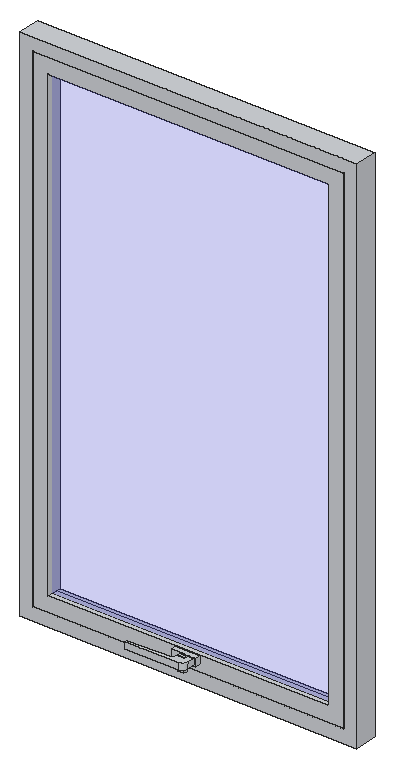
Revit family "Janela Maxim-ar - Painel 1", category Janelas, Revit 2019
Family settings
  Hospedeiro = Parede
  Número OmniClass = 23.30.20.00
  Título OmniClass = Windows
  Sempre na vertical = Sim
  Corte com vazios quando carregada = Não
  Compartilhado = Não
  Ponto de cálculo do ambiente = Não
Parameters
  Visual Light Transmittance = 0.9
  Solar Heat Gain Coefficient = 0.86
  Rough Width = Width  # 900 mm
  Rough Height = Height  # 1400 mm
  Largura da moldura do painel = 40 mm
  Espessura da moldura do painel = 40 mm
  ID do tipo de construção = ""
  Height = 1400 mm
  Coeficiente de transferência de calor (U) = 5.5617 W/(m²·K)
  Material do puxador = none
  H1 = Height - 2 * Largura da estrutura  # 1330 mm
  Vidro = none
  Largura da estrutura = 35 mm
  Espessura da moldura = 60 mm
  Material da moldura = none
  Altura-padrão do peitoril = 650 mm
  Fechamento da parede = Por hospedeiro
  Width = 900 mm
  Construção analítica = Janelas grandes envidraçadas únicas
Reference planes
  plane 1 "Centro (Frente/Trás)": y = 0
  plane 2 "Centro (Esquerda/Direita)": x = 0
  plane 3 "Esquerda": x = -450
  plane 4 "Direita": x = 450
  plane 5 "Peitoril": z = 650
  plane 6 "Extremidade superior": z = 2050
  plane 7 "Exterior": y = 100
  plane 8 "Interior": y = -100
  plane 9: z = 0
  plane 10: x = -415
  plane 11: x = 415
  plane 12: x = -375
  plane 13: x = 375
  plane 14: y = -40
  plane 15: y = -60
  plane 16: y = -80
  plane 17: z = 2015
  plane 18: z = 685
  plane 19: z = 1975
  plane 20: z = 725
  plane 21: x = -410
  plane 22: x = 410
  plane 23: z = 2010
  plane 24: z = 690
Forms (mm)
  Sweep 1, solid, material <- "Material da moldura", detail levels fine
    path origin (0, 100, 0) x (1, 0, 0) y (0, 0, 1)
      loop
        line (450, 2050) -> (-450, 2050) -> (-450, 650) -> (450, 650) -> (450, 2050)
    profile origin (-450, 100, 2050) x (0, -1, 0) y (1, 0, 0)
      loop
        line (140, 0) -> (200, 0) -> (200, 35) -> (140, 35) -> (140, 0)
  Sweep 2, solid, material <- "Material da moldura", detail levels fine
    path origin (0, 100, 0) x (1, 0, 0) y (0, 0, 1)
      loop
        line (415, 2015) -> (-415, 2015) -> (-415, 685) -> (415, 685) -> (415, 2015)
    profile origin (-415, 100, 2015) x (0, -1, 0) y (1, 0, 0)
      loop
        line (160, 0) -> (200, 0) -> (200, 40) -> (160, 40) -> (160, 0)
  Extrusion 3, solid, material <- "Vidro", detail levels fine
    sketch origin (0, 0, 0) x (1, 0, 0) y (0, 1, 0)
      loop
        line (-375, -73) -> (-375, -87) -> (375, -87) -> (375, -73) -> (-375, -73)
    from 725 to 1975
  Sweep 4, solid, material <- "Material da moldura", detail levels coarse+medium
    path origin (0, 100, 0) x (1, 0, 0) y (0, 0, 1)
      loop
        line (450, 2050) -> (-450, 2050) -> (-450, 650) -> (450, 650) -> (450, 2050)
    profile origin (-450, 100, 2050) x (0, -1, 0) y (1, 0, 0)
      loop
        line (160, 0) -> (200, 0) -> (200, 40) -> (160, 40) -> (160, 0)
  Extrusion 5, solid, material <- "Vidro", detail levels coarse+medium
    sketch origin (0, 0, 0) x (1, 0, 0) y (0, 1, 0)
      loop
        line (-410, -73) -> (-410, -87) -> (410, -87) -> (410, -73) -> (-410, -73)
    from 690 to 2010
Lines and regions (mm)
  Opening 1
    outline origin (3500, -100, 0) x (1, 0, 0) y (0, 0, 1)
      loop
        line (-3050, 650) -> (-3050, 2050) -> (-3950, 2050) -> (-3950, 650) -> (-3050, 650)
  symbolic lines, style "WindowsGlassProjection", detail levels coarse
    curve 1: line (-410, -80, 0) -> (410, -80, 0)
    curve 7: line (-450, -80, 2010) -> (-450, -80, 690)
  symbolic lines, style "WindowsGlassProjection", detail levels medium
    curve 2: line (-410, -73, 0) -> (410, -73, 0)
    curve 3: line (-410, -87, 0) -> (410, -87, 0)
    curve 8: line (-450, -73, 2010) -> (-450, -73, 690)
    curve 9: line (-450, -87, 690) -> (-450, -87, 2010)
  symbolic lines, style "Giro da elevação", detail levels coarse+medium
    curve 4: line (450, 100, 2050) -> (0, 100, 650)
    curve 5: line (0, 100, 650) -> (-450, 100, 2050)
  symbolic lines, style "Giro da elevação", detail levels fine
    curve 6: line (0, 100, 685) -> (-415, 100, 2015)
    curve 14: line (415, 100, 2015) -> (0, 100, 685)
  symbolic lines, style "Giro da planta", detail levels coarse+medium
    curve 10: line (450, -60, 2050) -> (450, 372.624, 718.521)
    curve 11: arc (450, 372.624, 718.521) -> (450, 159.008, 667.236) -> (450, -60, 650) r 1400
  symbolic lines, style "Giro da planta", detail levels fine
    curve 12: line (450, -60, 2015) -> (450, 350.993, 750.095)
    curve 13: arc (450, 350.993, 750.095) -> (450, 148.058, 701.375) -> (450, -60, 685) r 1330
Text (mm)
  text "EXTERIOR" at (-1963.203, 1332.353, 0), in view "Nível de referência"
  text "INTERIOR" at (-1981.466, -818.386, 0), in view "Nível de referência"
  text "Externo" at (0, 923.751, 2943.296), in view "Direita"
  text "Externo" at (0, 1040.484, 2685.409), in view "Esquerda"
Dimensions and locks
  equal spacing: plane 3 "Esquerda", plane 2 "Centro (Esquerda/Direita)", plane 4 "Direita"
  "Width": plane 3 "Esquerda" to plane 4 "Direita"
  "Height": plane 5 "Peitoril" to plane 6 "Extremidade superior"
  "Altura-padrão do peitoril": plane 5 "Peitoril" to level
  locked: plane 7 "Exterior" to host wall at 0
  locked: plane 8 "Interior" to host wall
  "Largura da estrutura": plane 3 "Esquerda" to plane 10
  "Largura da estrutura": plane 11 to plane 4 "Direita"
  "Largura da moldura do painel": plane 10 to plane 12
  "Largura da moldura do painel": plane 13 to plane 11
  "Espessura da moldura": plane 14 to plane 8 "Interior"
  "Espessura da moldura do painel": plane 15 to plane 8 "Interior"
  equal spacing: plane 15, plane 16, plane 8 "Interior"
  "Largura da estrutura": plane 17 to plane 6 "Extremidade superior"
  "Largura da estrutura": plane 5 "Peitoril" to plane 18
  Extrusion 3 sketch curve to plane 16 to Extrusion 3 sketch curve = 7 mm locked, 7 mm locked
  "Largura da moldura do painel": plane 19 to plane 17
  "Largura da moldura do painel": plane 18 to plane 20
  "Largura da moldura do painel": plane 3 "Esquerda" to plane 21
  "Largura da moldura do painel": plane 22 to plane 4 "Direita"
  Extrusion 5 sketch curve to plane 16 to Extrusion 5 sketch curve = 7 mm locked, 7 mm locked
  curve 3 to plane 16 to curve 2 = 7 mm locked, 7 mm locked
  "Largura da moldura do painel": plane 23 to plane 6 "Extremidade superior"
  "Largura da moldura do painel": plane 5 "Peitoril" to plane 24
  curve 8 to plane 16 to curve 9 = 7 mm locked, 7 mm locked
  "Height": curve 10 to curve 10
  "H1": curve 12 to curve 12
  plane 24 to plane 20 = 35 mm
  "Height": radius of curve 11
  "H1": radius of curve 13
  locked: plane 15 to curve 10 (angle 18.00°)
  locked: curve 11 to curve 11 (angle 18.00°)
  locked: plane 15 to curve 12 (angle 18.00°)
  locked: curve 13 to curve 13 (angle 18.00°)
  aligned and locked: level to plane 9
  aligned and locked: plane 4 "Direita" to Sweep 1 sketch curve
  aligned and locked: Sweep 1 sketch curve to plane 3 "Esquerda"  (x2)
  aligned and locked: plane 6 "Extremidade superior" to Sweep 1 sketch curve
  aligned and locked: Sweep 1 sketch curve to plane 5 "Peitoril"
  aligned and locked: Sweep 1 sketch curve to plane 14
  aligned and locked: Sweep 1 sketch curve to plane 8 "Interior"
  aligned and locked: Sweep 1 sketch curve to plane 10
  aligned and locked: Sweep 2 sketch curve to plane 17
  aligned and locked: plane 18 to Sweep 2 sketch curve
  aligned and locked: Sweep 2 sketch curve to plane 11
  aligned and locked: plane 10 to Sweep 2 sketch curve  (x2)
  aligned and locked: Sweep 2 sketch curve to plane 15
  aligned and locked: Sweep 2 sketch curve to plane 8 "Interior"
  aligned and locked: Sweep 2 sketch curve to plane 12
  aligned and locked: plane 12 to Extrusion 3 sketch curve
  aligned and locked: Extrusion 3 sketch curve to plane 13
  aligned and locked: plane 19 to Extrusion 3
  aligned and locked: Extrusion 3 to plane 20
  aligned and locked: plane 6 "Extremidade superior" to Sweep 4 sketch curve
  aligned and locked: Sweep 4 sketch curve to plane 5 "Peitoril"
  aligned and locked: Sweep 4 sketch curve to plane 3 "Esquerda"  (x2)
  aligned and locked: plane 4 "Direita" to Sweep 4 sketch curve
  aligned and locked: Sweep 4 sketch curve to plane 15
  aligned and locked: Sweep 4 sketch curve to plane 8 "Interior"
  aligned and locked: Sweep 4 sketch curve to plane 21
  aligned and locked: plane 21 to Extrusion 5 sketch curve
  aligned and locked: Extrusion 5 sketch curve to plane 22
  aligned and locked: curve 1 to plane 16
  aligned and locked: plane 21 to curve 1
  aligned and locked: plane 22 to curve 1
  aligned and locked: plane 22 to curve 2
  aligned and locked: plane 22 to curve 3
  aligned and locked: plane 21 to curve 2
  aligned and locked: plane 21 to curve 3
  aligned and locked: plane 23 to Extrusion 5  (x2)
  aligned and locked: Extrusion 5 to plane 24
  aligned and locked: plane 4 "Direita" to curve 4
  aligned and locked: plane 6 "Extremidade superior" to curve 4
  aligned and locked: plane 3 "Esquerda" to curve 5
  aligned and locked: plane 6 "Extremidade superior" to curve 5
  aligned and locked: plane 5 "Peitoril" to curve 5
  aligned and locked: plane 2 "Centro (Esquerda/Direita)" to curve 4
  aligned and locked: plane 17 to curve 6
  aligned and locked: plane 10 to curve 6
  aligned and locked: plane 2 "Centro (Esquerda/Direita)" to curve 6
  aligned and locked: plane 16 to curve 7
  aligned and locked: plane 24 to curve 7
  aligned and locked: plane 23 to curve 7
  aligned and locked: plane 23 to curve 9
  aligned and locked: plane 24 to curve 8
  aligned and locked: plane 24 to curve 9
  aligned and locked: plane 6 "Extremidade superior" to curve 10
  aligned and locked: plane 15 to curve 10
  aligned and locked: plane 6 "Extremidade superior" to curve 11
  aligned and locked: plane 17 to curve 12
  aligned and locked: plane 17 to curve 13
  aligned and locked: plane 15 to curve 13
  aligned and locked: plane 18 to curve 14
  aligned and locked: plane 17 to curve 14
  aligned and locked: plane 11 to curve 14
  aligned and locked: plane 20 to nested 1
  aligned and locked: nested 1 to plane 2 "Centro (Esquerda/Direita)"
Automatic sketch dimensions
  Opening 1 sketch curve to plane 3 "Esquerda" = 0 mm
  Opening 1 sketch curve to plane 4 "Direita" = 0 mm
  Opening 1 sketch curve to plane 5 "Peitoril" = 0 mm
  Opening 1 sketch curve to plane 6 "Extremidade superior" = 0 mm
  curve 8 to plane 23 = 0 mm
Nested families
  nested 1: "Puxador da janela 1" at (0, -100, 715) x (1, 0, 0) z (0, -1, 0), type "Puxador da janela 1", detail levels fine
Definition of nested family "Puxador da janela 1"
  Parameters
    Material do puxador = none
    Default Elevation = 1219.2 mm
  Reference planes
    plane 1 "Centro (Frente/Trás)": y = 0
    plane 2: z = 0
    plane 3 "Centro (Esquerda/Direita)": x = 0
    plane 4: y = 10
    plane 5: y = -10
    plane 6: x = -32
    plane 7: x = 32
    plane 8: y = -30
    plane 9: x = -9
    plane 10: x = 9
    plane 11: z = 15
    plane 12: z = 25
    plane 13: z = 49
    plane 14: x = 27
    plane 15: x = -130
    plane 16: z = 37
    plane 17: y = 8
  Forms (mm)
    Extrusion 1, solid
      sketch origin (1019.2, -1019.2, 0) x (1, 0, 0) y (0, 1, 0)
        loop
          line (-1119.2, 1119.2) -> (-1119.2, 918.942) -> (-919.2, 918.942) -> (-919.2, 1119.2) -> (-1119.2, 1119.2)
      from 0 to -50
    Extrusion 2, solid, material <- "Material do puxador"
      sketch origin (0, 0, 0) x (1, 0, 0) y (0, 1, 0)
        loop
          line (-32, 10) -> (-32, -10) -> (32, -10) -> (32, 10) -> (-32, 10)
      from 0 to 15
    Extrusion 3, solid, material <- "Material do puxador"
      sketch origin (0, 0, 0) x (1, 0, 0) y (0, 1, 0)
        loop
          line (-9, 8) -> (-9, -11.986) -> (-6.984, -30) -> (7.035, -30) -> (9, -11.986) -> (9, 8) -> (-9, 8)
      from 15 to 25
    Extrusion 4, solid, material <- "Material do puxador"
      sketch origin (0, 0, 0) x (1, 0, 0) y (0, 0, 1)
        loop
          line (9, 15) -> (27, 15) -> (27, 35)
          arc (27, 35) -> (22.899, 44.899) -> (13, 49) r 14
          line (13, 49) -> (-130, 49) -> (-130, 44) -> (-14.671, 36.989)
          arc (-14.671, 36.989) -> (-10.641, 35.1) -> (-9, 30.963) r 6.037
          line (-9, 30.963) -> (-9, 25) -> (9, 25) -> (9, 15)
      from -8 to 8
  Dimensions and locks
    plane 6 to plane 3 "Centro (Esquerda/Direita)" to plane 7 = 32 mm locked, 32 mm locked
    locked: plane 8 to plane 5 at 20
    plane 4 to plane 1 "Centro (Frente/Trás)" to plane 5 = 10 mm locked, 10 mm locked
    locked: plane 9 to Extrusion 3 sketch curve at 2.016
    locked: Extrusion 3 sketch curve to plane 10 at 1.965
    locked: Extrusion 3 sketch curve to plane 5 at 1.986  (x2)
    locked: plane 11 to plane 2 at 15
    locked: plane 12 to plane 11 at 10
    locked: plane 13 to plane 12 at 24
    locked: plane 14 to plane 10 at 18
    locked: plane 3 "Centro (Esquerda/Direita)" to plane 15 at 130
    locked: plane 4 to plane 17 at 2
    locked: Extrusion 4 to plane 1 "Centro (Frente/Trás)" at 8
    locked: Extrusion 4 sketch curve to plane 12 at 5.963
    locked: plane 13 to plane 16 at 12
    radius of Extrusion 4 sketch curve = 14 mm
    radius of Extrusion 4 sketch curve = 6.037 mm
    aligned and locked: plane 2 to Extrusion 1
    aligned and locked: level to Extrusion 1
    aligned and locked: Extrusion 2 sketch curve to plane 4
    aligned and locked: plane 6 to Extrusion 2 sketch curve
    aligned and locked: Extrusion 2 sketch curve to plane 5
    aligned and locked: Extrusion 2 sketch curve to plane 7
    aligned and locked: Extrusion 3 sketch curve to plane 9
    aligned and locked: Extrusion 3 sketch curve to plane 10
    aligned and locked: plane 8 to Extrusion 3 sketch curve
    aligned and locked: Extrusion 3 to plane 11
    aligned and locked: plane 12 to Extrusion 3
    aligned and locked: plane 11 to Extrusion 4 sketch curve  (x2)
    aligned and locked: plane 14 to Extrusion 4 sketch curve
    aligned and locked: plane 10 to Extrusion 4 sketch curve
    aligned and locked: plane 13 to Extrusion 4 sketch curve
    aligned and locked: Extrusion 4 sketch curve to plane 11
    aligned and locked: plane 12 to Extrusion 4 sketch curve
    aligned and locked: plane 9 to Extrusion 4 sketch curve
    aligned and locked: Extrusion 4 sketch curve to plane 15
    aligned and locked: Extrusion 3 sketch curve to plane 17
    aligned and locked: plane 17 to Extrusion 4
